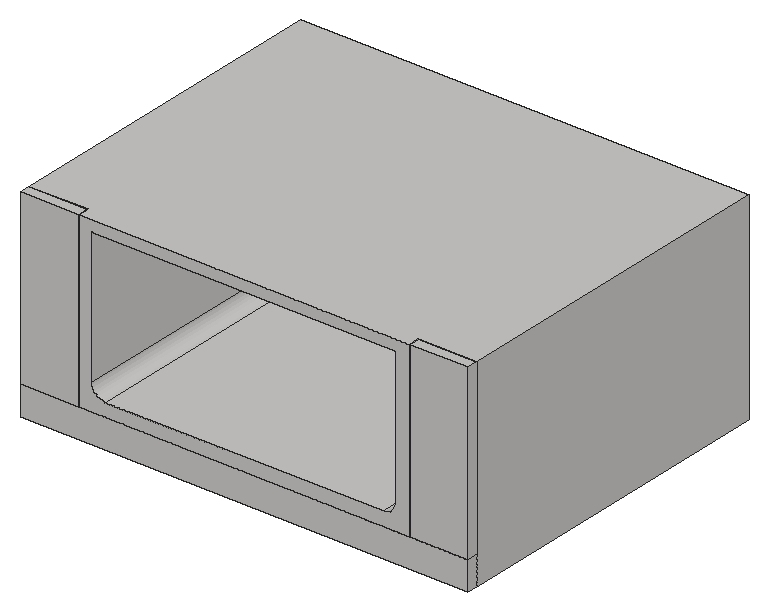
Revit family "QF_ELECTROLUXPROFESSIONAL_588574_MB1ACAJOOO", category Attrezzature speciali, Revit 2020
Family settings
  Quota connettore circolare = Usa diametro
  Tipo di parte = Normale
  Basato su piano di lavoro = No
  Sempre verticale = Sì
  Taglio con vuoti quando caricato = No
  Condiviso = No
  Punto di calcolo locali = No
Parameters (values of type "Standard")
  Weight = 23.00 kg
  Watts = 0 W
  Volts = 0 V
  URL Manufacturer = "https://www.electroluxprofessional.com/"
  URL = "https://www.electroluxprofessional.com/"
  Steam Supply Size = 0"
  Steam Supply Minimum Pressure = 0.00 psi
  Steam Supply Maximum Pressure = 0.00 psi
  Steam Consumption per Hour = 0
  Refrigeration Suction Line Size = 0 mm
  Refrigeration Liquid Line Size = 0 mm
  Refrigerant Compressor Remote = yes
  Prospetto di default = 0 mm
  Phase = 0
  Modello = "MB1ACAJOOO"
  Produttore = "Electrolux Professional"
  Length Actual = 1000 mm  # constant formula
  Item Number = "588574"
  Hot Water Size = 0"
  Height Actual = 450 mm  # constant formula
  HP = "0 HP"
  Gas Size = 0"
  Gas KW = 0
  Gas Input Pressure = 0.0 Btu/h
  Direct Waste Size = 0"
  Descrizione = "OPEN BASE,1-SIDE,H2-1000X850X450H"
  Depth Actual = 850 mm  # constant formula
  Cycle = 0 Hz
  Condensate Return Size = 0"
  Compressed Air Volume = 0 GPM
  Compressed Air Size = 0"
  Compressed Air Pressure = 0.00 psi
  Cold Water Size = 0"
  Accessory = yes
Reference planes
  plane 1 "BACK": y = 0
  plane 2: z = 0
  plane 3 "LEFT": x = 0
  plane 4 "RIGHT": x = 1000
  plane 5 "FRONT": y = -850
  plane 6 "PLAIN": z = 900
  plane 7 "Center (Left/Right)": x = 500
  plane 8 "Center (Front/Back)": y = -425
  plane 9 "TOP": z = 650
  plane 10 "BASE": z = 200
  plane 11: x = 922
  plane 12: x = 78
  plane 13 "Feet_back": y = -150
  plane 14 "Feet_Front": y = -720
  plane 15: x = 130
  plane 16: x = 870
  plane 17: z = 265
  plane 18: y = -45
  plane 19: y = -805
  plane 20: y = -70
  plane 21: y = -830
Forms (mm)
  Extrusion 1, solid, material "QF_Finishes_Stainless Steel"
    sketch origin (0, 0, 650) x (0, 1, 0) y (0, 0, 1)
      loop
        line (-45, -450) -> (-45, 0) -> (-805, 0) -> (-805, -450) -> (-45, -450)
    from 0 to 1000
  Extrusion 2, solid, material "QF_Finishes_Stainless Steel"
    sketch origin (0, 0, 650) x (0, 1, 0) y (0, 0, 1)
      loop
        line (-830, -450) -> (-805, -450) -> (-805, -385) -> (-830, -385) -> (-830, -450)
    from 0 to 1000
  Extrusion 3, void
    sketch origin (0, -850, 0) x (1, 0, 0) y (0, 0, 1)
      loop
        line (130, 650) -> (130, 265) -> (870, 265) -> (870, 650) -> (130, 650)
    from 0 to -780
  Extrusion 4, solid, material "QF_Finishes_Stainless Steel"
    sketch origin (0, -850, 0) x (1, 0, 0) y (0, 0, 1)
      loop
        line (160, 650) -> (160, 627) -> (840, 627) -> (840, 650) -> (160, 650)
    from -20 to -805
  Extrusion 5, solid, material "QF_Finishes_Stainless Steel"
    sketch origin (0, -850, 0) x (1, 0, 0) y (0, 0, 1)
      loop
        line (130, 650) -> (130, 265) -> (870, 265) -> (870, 650) -> (840, 650) -> (840, 325)
        arc (840, 325) -> (831.213, 303.787) -> (810, 295) r 30
        line (810, 295) -> (190, 295)
        arc (190, 295) -> (168.787, 303.787) -> (160, 325) r 30
        line (160, 325) -> (160, 650) -> (130, 650)
    from -20 to -780
  Extrusion 6, solid, material "QF_Finishes_Stainless Steel"
    sketch origin (0, -850, 0) x (1, 0, 0) y (0, 0, 1)
      loop
        line (0, 650) -> (0, 265) -> (130, 265) -> (130, 650) -> (0, 650)
    from -20 to -45
  Extrusion 7, solid, material "QF_Finishes_Stainless Steel"
    sketch origin (0, -850, 0) x (1, 0, 0) y (0, 0, 1)
      loop
        line (870, 650) -> (870, 265) -> (1000, 265) -> (1000, 650) -> (870, 650)
    from -20 to -45
Cuts and joins
  Extrusion 3 cuts Extrusion 1
  joined: Extrusion 1, Extrusion 4, Extrusion 5
Lines and regions (mm)
  symbolic lines, style "SpecialityEquipmentHiddenLines"
    curve 1: line (0, 0, 0) -> (1000, 0, 0)
    curve 2: line (0, -850, 0) -> (0, 0, 0)
    curve 3: line (1000, -850, 0) -> (0, -850, 0)
    curve 4: line (1000, 0, 0) -> (1000, -850, 0)
Dimensions and locks
  plane 3 "LEFT" to plane 4 "RIGHT" = 1000 mm
  plane 5 "FRONT" to plane 1 "BACK" = 850 mm
  equal spacing: plane 3 "LEFT", plane 7 "Center (Left/Right)", plane 4 "RIGHT"
  equal spacing: plane 5 "FRONT", plane 8 "Center (Front/Back)", plane 1 "BACK"
  plane 6 "PLAIN" to plane 9 "TOP" = 250 mm
  plane 10 "BASE" to level = 200 mm
  plane 9 "TOP" to plane 10 "BASE" = 450 mm
  locked: plane 1 "BACK" to plane 13 "Feet_back" at 150
  locked: plane 14 "Feet_Front" to plane 5 "FRONT" at 130
  locked: plane 12 to plane 3 "LEFT" at 78
  locked: plane 11 to plane 4 "RIGHT" at 78
  plane 16 to plane 15 = 740 mm
  equal spacing: plane 16, plane 7 "Center (Left/Right)", plane 15
  locked: plane 17 to plane 10 "BASE" at 65
  locked: plane 1 "BACK" to plane 18 at 45
  plane 9 "TOP" to Extrusion 4 sketch curve = 23 mm
  locked: Extrusion 4 sketch curve to plane 15 at 30
  locked: plane 16 to Extrusion 4 sketch curve at 30
  locked: Extrusion 5 sketch curve to plane 17 at 30
  plane 6 "PLAIN" to level = 900 mm
  Extrusion 5 to Extrusion 5 = 680 mm
  locked: plane 18 to plane 20 at 25
  locked: plane 21 to plane 5 "FRONT" at 20
  locked: plane 19 to plane 21 at 25
  plane 18 to plane 21 = 785 mm
  aligned and locked: level to plane 2
  aligned and locked: Extrusion 1 to plane 4 "RIGHT"
  aligned and locked: Extrusion 1 to plane 3 "LEFT"
  aligned and locked: Extrusion 2 to plane 4 "RIGHT"
  aligned and locked: plane 9 "TOP" to Extrusion 3 sketch curve
  aligned and locked: Extrusion 3 sketch curve to plane 15
  aligned and locked: plane 16 to Extrusion 3 sketch curve
  aligned and locked: Extrusion 2 to plane 10 "BASE"
  aligned and locked: Extrusion 2 to plane 17
  aligned and locked: plane 17 to Extrusion 3 sketch curve
  aligned and locked: Extrusion 4 to plane 18
  aligned and locked: Extrusion 5 sketch curve to plane 15
  aligned and locked: plane 16 to Extrusion 5 sketch curve
  aligned and locked: plane 9 "TOP" to Extrusion 5 sketch curve  (x2)
  aligned and locked: plane 17 to Extrusion 5 sketch curve
  aligned and locked: Extrusion 5 sketch curve to Extrusion 4  (x2)
  aligned and locked: Extrusion 6 sketch curve to plane 9 "TOP"
  aligned and locked: plane 3 "LEFT" to Extrusion 6 sketch curve
  aligned and locked: Extrusion 6 sketch curve to plane 17
  aligned and locked: Extrusion 6 sketch curve to plane 15
  aligned and locked: Extrusion 7 sketch curve to plane 9 "TOP"
  aligned and locked: plane 16 to Extrusion 7 sketch curve
  aligned and locked: Extrusion 7 sketch curve to plane 17
  aligned and locked: plane 4 "RIGHT" to Extrusion 7 sketch curve
  aligned and locked: Extrusion 5 to plane 20
  aligned and locked: cut or joined group of Extrusion 1, Extrusion 3, Extrusion 4, Extrusion 5 to plane 20
  aligned and locked: cut or joined group of Extrusion 1, Extrusion 3, Extrusion 4, Extrusion 5 to plane 18
  aligned and locked: Extrusion 6 to plane 19
  aligned and locked: plane 21 to Extrusion 6
  aligned and locked: plane 21 to Extrusion 5
  aligned and locked: plane 21 to Extrusion 7
  aligned and locked: Extrusion 7 to plane 19
  aligned and locked: Extrusion 2 to plane 19
  aligned and locked: plane 21 to Extrusion 2
  aligned and locked: plane 21 to cut or joined group of Extrusion 1, Extrusion 3, Extrusion 4, Extrusion 5
Automatic sketch dimensions
  Extrusion 1 sketch curve to plane 10 "BASE" = 0 mm
  Extrusion 1 sketch curve to plane 9 "TOP" = 0 mm
  plane 1 "BACK" to Extrusion 1 sketch curve = 45 mm
  Extrusion 1 sketch curve to plane 5 "FRONT" = 45 mm
  Extrusion 2 sketch curve to plane 5 "FRONT" = 20 mm
  Extrusion 2 sketch curve to plane 9 "TOP" = 385 mm
  plane 10 "BASE" to Extrusion 2 sketch curve = 0 mm
  Extrusion 2 sketch curve to plane 5 "FRONT" = 45 mm
  Extrusion 4 sketch curve to plane 9 "TOP" = 0 mm
  Extrusion 5 sketch curve to Extrusion 5 sketch curve = 30 mm  (x2)
  curve 3 to plane 3 "LEFT" = 0 mm
  curve 3 to plane 4 "RIGHT" = 0 mm
  plane 5 "FRONT" to curve 3 = 0 mm
  plane 1 "BACK" to curve 2 = 0 mm
